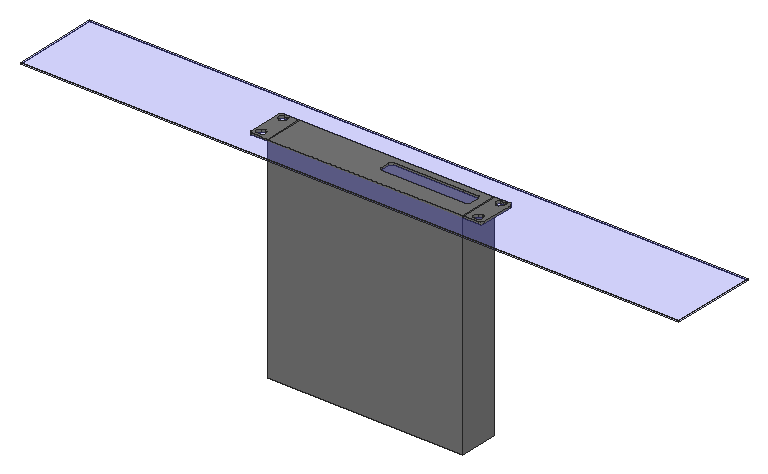
Revit family "QSC SPA4-100 Amplifier Front Facing Rackmount", category Generic Models, host Face, Revit 2014
Parameters (values of type "SPA4-100 @ 100VAC")
  Width = 8.663"  # constant formula
  Weight Product (lb) = 4  # constant formula
  Weight Product (kg) = 1.4  # constant formula
  Weight Dimensional (lb) = 6.5  # constant formula
  Weight Dimensional (kg) = 2.5  # constant formula
  Voltage AC = "100-240 at 50-60 Hz"  # constant formula
  URL = "http://www.qsc.com/systems/products/power-amplifiers/energystar-amplifiers/spa-series/spa4-100/"
  Sustainability Rating = "Energy Star"  # constant formula
  Show Right Ear Short [instance] = yes
  Show Right Ear Long [instance] = no
  Show Left Ear Short [instance] = yes
  Show Left Ear Long [instance] = no
  Regulatory Compliance = "UL, CE, RoHS/WEEE, FCC Class B, UL 2043 with Plenum Kit Accessory"  # constant formula
  Product Page URL = "http://www.qsc.com/systems/products/power-amplifiers/energystar-amplifiers/spa-series/spa4-100/"
  Product Documentation Link = "http://www.qsc.com/resource-files/productresources/amp/spa/q_amp_spa_specs.pdf"
  Power Standby = 24  # constant formula
  Power Peak = 170
  Power Active = 130
  Model = "SPA4-100"  # constant formula
  Manufacturer URL = "http://www.qscaudio.com"
  Manufacturer = "QSC Audio Products, LLC"  # constant formula
  Height = 1.730"  # constant formula
  Heat Load Standby = 33  # constant formula
  Heat Load Active = 103  # constant formula
  Face Depth = 0.0788"
  Description = "4 Channel 100 Watt/Channel Amplfier"  # constant formula
  Depth = 9.48819"  # constant formula
  Default Elevation = 0.000"
  Current Draw = 1.7
  Enclosure Material [instance] = Dark Gray Finish
  Amp Only Width = 8.663"  # constant formula
Types (4): name | Power Peak | Power Active | Current Draw
  (no name) | 170 | 130 | 1.7
  SPA4-100 @ 100VAC | 170 | 130 | 1.7
  SPA4-100 @ 120VAC | 180 | 132 | 1.5
  SPA4-100 @ 230VAC | 184 | 184 | 0.8
Reference planes (in)
  plane 1 "Center (Front/Back)": y = 0
  plane 2: z = 0
  plane 3 "Center (Left/Right)": x = 0
  plane 4 "Left": x = -4.3315
  plane 5 "Right": x = 4.3315
  plane 6 "Top": y = 0.865
  plane 7 "Bottom": y = -0.865
  plane 8 "Back": z = -9.40939
  plane 9 "Right Extend Ear": x = 13.8135
  plane 10 "Left Extend Ear": x = -13.8135
  plane 11 "Left Short Ear": x = -5.1529
  plane 12 "Right Short Ear": x = 5.1529
  plane 13 "Front": z = 0.0788
Forms (in)
  Extrusion 1, solid, material "Glass"
    sketch origin (0, 0, 0) x (1, 0, 0) y (0, 1, 0)
      loop
        line (-14.5, 1.9685) -> (-14.5, -1.88975) -> (14.73031, -1.88975) -> (14.73031, 1.9685) -> (-14.5, 1.9685)
    from 0 to -0.079
  Extrusion 2, solid, material "Dark Gray Finish" <- "Enclosure Material"
    sketch origin (0, -0.865, 0) x (-1, 0, 0) y (0, 0, 1)
      loop
        line (4.3315, 0.0788) -> (-4.3315, 0.0788) -> (-4.3315, -9.40939) -> (4.3315, -9.40939) -> (4.3315, 0.0788)
    from 0 to 1.73 <- "Height"
  Extrusion 3, void
    sketch origin (0, 0, -9.40939) x (-1, 0, 0) y (0, -1, 0)
      loop
        line (-4.13103, -0.64625) -> (-3.52079, -0.64625) -> (-3.52079, -0.33317) -> (-4.13103, -0.33317) -> (-4.13103, -0.64625)
      loop
        line (-2.87118, -0.33317) -> (-3.48142, -0.33317) -> (-3.48142, -0.64625) -> (-2.87118, -0.64625) -> (-2.87118, -0.33317)
      loop
        line (-2.73547, -0.40133) -> (-2.73547, -0.63567) -> (-2.47484, -0.63567) -> (-2.47484, -0.40133) -> (-2.73547, -0.40133)
      loop
        line (-1.98744, -0.63567) -> (-1.98744, -0.40133) -> (-2.43547, -0.40133) -> (-2.43547, -0.63567) -> (-1.98744, -0.63567)
      loop
        line (-1.8585, -0.40133) -> (-1.8585, -0.63567) -> (-1.50417, -0.63567) -> (-1.50417, -0.40133) -> (-1.8585, -0.40133)
      loop
        line (-1.11047, -0.63567) -> (-1.11047, -0.40133) -> (-1.4648, -0.40133) -> (-1.4648, -0.63567) -> (-1.11047, -0.63567)
      loop
        line (2.83544, -0.39444) -> (3.58439, -0.39444)
        arc (3.58439, -0.39444) -> (3.66726, -0.36012) -> (3.70158, -0.27725) r 0.11719
        line (3.70158, -0.27725) -> (3.70158, 0.04564)
        arc (3.70158, 0.04564) -> (3.69563, 0.07554) -> (3.6787, 0.10088) r 0.07813
        line (3.6787, 0.10088) -> (3.52761, 0.25197)
        arc (3.52761, 0.25197) -> (3.50227, 0.26891) -> (3.47237, 0.27485) r 0.07813
        line (3.47237, 0.27485) -> (2.94654, 0.27485)
        arc (2.94654, 0.27485) -> (2.91664, 0.26891) -> (2.89129, 0.25197) r 0.07813
        line (2.89129, 0.25197) -> (2.74021, 0.10088)
        arc (2.74021, 0.10088) -> (2.72327, 0.07554) -> (2.71733, 0.04564) r 0.07813
        line (2.71733, 0.04564) -> (2.71733, -0.27633)
        arc (2.71733, -0.27633) -> (2.75192, -0.35985) -> (2.83544, -0.39444) r 0.11811
      loop
        line (-2.73547, -0.10133) -> (-2.73547, -0.33567) -> (-2.47484, -0.33567) -> (-2.47484, -0.10133) -> (-2.73547, -0.10133)
      loop
        line (-1.98744, -0.33567) -> (-1.98744, -0.10133) -> (-2.43547, -0.10133) -> (-2.43547, -0.33567) -> (-1.98744, -0.33567)
      loop
        line (-1.8585, -0.10133) -> (-1.8585, -0.33567) -> (-1.50417, -0.33567) -> (-1.50417, -0.10133) -> (-1.8585, -0.10133)
      loop
        line (-1.11047, -0.33567) -> (-1.11047, -0.10133) -> (-1.4648, -0.10133) -> (-1.4648, -0.33567) -> (-1.11047, -0.33567)
      loop
        line (-4.13103, 0.35375) -> (-3.52079, 0.35375) -> (-3.52079, 0.66683) -> (-4.13103, 0.66683) -> (-4.13103, 0.35375)
      loop
        line (-2.87118, 0.66683) -> (-3.48142, 0.66683) -> (-3.48142, 0.35375) -> (-2.87118, 0.35375) -> (-2.87118, 0.66683)
    from 0 to 0.19685
  Extrusion 4, void
    sketch origin (-16.617, -180, 0.0788) x (0, -1, 0) y (-1, 0, 0)
      loop
        line (-180.55192, -16.7645) -> (-180.55192, -20.46917)
        arc (-180.55192, -20.46917) -> (-180.50615, -20.57966) -> (-180.39567, -20.62542) r 0.15625
        line (-180.39567, -20.62542) -> (-180.03888, -20.62542)
        arc (-180.03888, -20.62542) -> (-179.92839, -20.57966) -> (-179.88263, -20.46917) r 0.15625
        line (-179.88263, -20.46917) -> (-179.88263, -16.7645)
        arc (-179.88263, -16.7645) -> (-179.92839, -16.65402) -> (-180.03888, -16.60825) r 0.15625
        line (-180.03888, -16.60825) -> (-180.39567, -16.60825)
        arc (-180.39567, -16.60825) -> (-180.50615, -16.65402) -> (-180.55192, -16.7645) r 0.15625
    from 0 to 0.079
  Extrusion 5, solid, material "Dark Gray Finish" <- "Enclosure Material", visible <- "Show Left Ear Short"
    sketch origin (0, 0, 0) x (1, 0, 0) y (0, 1, 0)
      loop
        arc (-5.02784, 0.865) -> (-5.11623, 0.82839) -> (-5.1529, 0.74) r 0.125
        line (-5.1529, 0.74) -> (-5.15284, -0.74)
        arc (-5.15284, -0.74) -> (-5.11623, -0.82839) -> (-5.02784, -0.865) r 0.125
        line (-5.02784, -0.865) -> (-4.3315, -0.865) -> (-4.3315, 0.865) -> (-5.02784, 0.865)
      loop
        line (-4.7552, 0.76559) -> (-4.893, 0.76559)
        arc (-4.893, 0.76559) -> (-5.0266, 0.64002) -> (-4.90953, 0.4989) r 0.13386
        arc (-4.90953, 0.4989) -> (-4.8241, 0.41343) -> (-4.73867, 0.4989) r 0.08543
        arc (-4.73867, 0.4989) -> (-4.6216, 0.64002) -> (-4.7552, 0.76559) r 0.13386
      loop
        arc (-4.7552, -0.75213) -> (-4.6216, -0.62655) -> (-4.73867, -0.48543) r 0.13386
        arc (-4.73867, -0.48543) -> (-4.8241, -0.39996) -> (-4.90953, -0.48543) r 0.08543
        arc (-4.90953, -0.48543) -> (-5.0266, -0.62655) -> (-4.893, -0.75213) r 0.13386
        line (-4.893, -0.75213) -> (-4.7552, -0.75213)
    from 0 to 0.0788 <- "Face Depth"
  Extrusion 6, solid, material "Dark Gray Finish" <- "Enclosure Material", visible <- "Show Right Ear Short"
    sketch origin (0, 0, 0) x (-1, 0, 0) y (0, -1, 0)
      loop
        line (-5.02784, -0.865) -> (-4.3315, -0.865) -> (-4.3315, 0.865) -> (-5.02784, 0.865)
        arc (-5.02784, 0.865) -> (-5.11623, 0.82839) -> (-5.15284, 0.74) r 0.125
        line (-5.15284, 0.74) -> (-5.1529, -0.74)
        arc (-5.1529, -0.74) -> (-5.11623, -0.82839) -> (-5.02784, -0.865) r 0.125
      loop
        arc (-4.7552, -0.76559) -> (-4.6216, -0.64002) -> (-4.73867, -0.4989) r 0.13386
        arc (-4.73867, -0.4989) -> (-4.8241, -0.41343) -> (-4.90953, -0.4989) r 0.08543
        arc (-4.90953, -0.4989) -> (-5.0266, -0.64002) -> (-4.893, -0.76559) r 0.13386
        line (-4.893, -0.76559) -> (-4.7552, -0.76559)
      loop
        line (-4.7552, 0.75213) -> (-4.893, 0.75213)
        arc (-4.893, 0.75213) -> (-5.0266, 0.62655) -> (-4.90953, 0.48543) r 0.13386
        arc (-4.90953, 0.48543) -> (-4.8241, 0.39996) -> (-4.73867, 0.48543) r 0.08543
        arc (-4.73867, 0.48543) -> (-4.6216, 0.62655) -> (-4.7552, 0.75213) r 0.13386
    from 0 to 0.0788 <- "Face Depth"
  Extrusion 7, solid, material "Dark Gray Finish" <- "Enclosure Material", visible <- "Show Right Ear Long"
    sketch origin (0, 0, 0) x (-1, 0, 0) y (0, -1, 0)
      loop
        arc (-13.55582, -0.49787) -> (-13.68968, -0.63173) -> (-13.55582, -0.76559) r 0.13386
        line (-13.55582, -0.76559) -> (-13.41803, -0.76559)
        arc (-13.41803, -0.76559) -> (-13.28417, -0.63173) -> (-13.41803, -0.49787) r 0.13386
        line (-13.41803, -0.49787) -> (-13.55582, -0.49787)
      loop
        arc (-13.55582, 0.75213) -> (-13.68968, 0.61827) -> (-13.55582, 0.48441) r 0.13386
        line (-13.55582, 0.48441) -> (-13.41803, 0.48441)
        arc (-13.41803, 0.48441) -> (-13.28417, 0.61827) -> (-13.41803, 0.75213) r 0.13386
        line (-13.41803, 0.75213) -> (-13.55582, 0.75213)
      loop
        line (-13.8135, 0.74) -> (-13.8135, -0.74)
        arc (-13.8135, -0.74) -> (-13.77689, -0.82839) -> (-13.6885, -0.865) r 0.125
        line (-13.6885, -0.865) -> (-4.3315, -0.865) -> (-4.3315, 0.865) -> (-13.6885, 0.865)
        arc (-13.6885, 0.865) -> (-13.77689, 0.82839) -> (-13.8135, 0.74) r 0.125
    from 0 to 0.0788 <- "Face Depth"
  Extrusion 8, solid, material "Dark Gray Finish" <- "Enclosure Material", visible <- "Show Left Ear Long"
    sketch origin (0, 0, 0) x (1, 0, 0) y (0, 1, 0)
      loop
        line (-13.55582, 0.49787) -> (-13.41803, 0.49787)
        arc (-13.41803, 0.49787) -> (-13.28417, 0.63173) -> (-13.41803, 0.76559) r 0.13386
        line (-13.41803, 0.76559) -> (-13.55582, 0.76559)
        arc (-13.55582, 0.76559) -> (-13.68968, 0.63173) -> (-13.55582, 0.49787) r 0.13386
      loop
        line (-13.55582, -0.75213) -> (-13.41803, -0.75213)
        arc (-13.41803, -0.75213) -> (-13.28417, -0.61827) -> (-13.41803, -0.48441) r 0.13386
        line (-13.41803, -0.48441) -> (-13.55582, -0.48441)
        arc (-13.55582, -0.48441) -> (-13.68968, -0.61827) -> (-13.55582, -0.75213) r 0.13386
      loop
        arc (-13.8135, -0.74) -> (-13.77689, -0.82839) -> (-13.6885, -0.865) r 0.125
        line (-13.6885, -0.865) -> (-4.3315, -0.865) -> (-4.3315, 0.865) -> (-13.6885, 0.865)
        arc (-13.6885, 0.865) -> (-13.77689, 0.82839) -> (-13.8135, 0.74) r 0.125
        line (-13.8135, 0.74) -> (-13.8135, -0.74)
    from 0 to 0.0788 <- "Face Depth"
Cuts and joins
  Extrusion 3, Extrusion 4 cuts Extrusion 2
Lines and regions (in)
  model lines, style "GenericModel", not visible, detail levels fine
    curve 1: line (13.55599, -1.01274, 0.03125) -> (13.46873, -0.89778, 0.03125)
    curve 2: line (13.46873, -0.89778, 0.03125) -> (13.55599, -1.01274, 0.03125)
    curve 3: line (13.15237, -0.99839, 0.03125) -> (13.18534, -0.8798, 0.03125)
    curve 4: line (13.18534, -0.8798, 0.03125) -> (13.15237, -0.99839, 0.03125)
    curve 5: line (13.20744, -1.07691, 0.03125) -> (13.18283, -0.85745, 0.03125)
    curve 6: line (13.18283, -0.85745, 0.03125) -> (13.20744, -1.07691, 0.03125)
    curve 7: line (13.67283, -0.92336, 0.03125) -> (13.75064, -0.98053, 0.03125)
    curve 8: line (13.75064, -0.98053, 0.03125) -> (13.67283, -0.92336, 0.03125)
    curve 25: line (-3.35339, 0.42119, 0) -> (-3.44988, 0.54832, 0)
    curve 26: line (-3.44988, 0.54832, 0) -> (-3.35339, 0.42119, 0)
    curve 27: line (-3.7997, 0.43707, 0) -> (-3.76325, 0.5682, 0)
    curve 28: line (-3.76325, 0.5682, 0) -> (-3.7997, 0.43707, 0)
    curve 29: line (-3.73881, 0.35024, 0) -> (-3.76602, 0.59291, 0)
    curve 30: line (-3.76602, 0.59291, 0) -> (-3.73881, 0.35024, 0)
    curve 31: line (-3.22419, 0.52002, 0) -> (-3.13815, 0.45681, 0)
    curve 32: line (-3.13815, 0.45681, 0) -> (-3.22419, 0.52002, 0)
    curve 45: line (-3.35339, 0.42119, 0.0788) -> (-3.44988, 0.54832, 0.0788)
    curve 46: line (-3.44988, 0.54832, 0.0788) -> (-3.35339, 0.42119, 0.0788)
    curve 47: line (-3.7997, 0.43707, 0.0788) -> (-3.76325, 0.5682, 0.0788)
    curve 48: line (-3.76325, 0.5682, 0.0788) -> (-3.7997, 0.43707, 0.0788)
    curve 49: line (-3.73881, 0.35024, 0.0788) -> (-3.76602, 0.59291, 0.0788)
    curve 50: line (-3.76602, 0.59291, 0.0788) -> (-3.73881, 0.35024, 0.0788)
    curve 51: line (-3.22419, 0.52002, 0.0788) -> (-3.13815, 0.45681, 0.0788)
    curve 52: line (-3.13815, 0.45681, 0.0788) -> (-3.22419, 0.52002, 0.0788)
  model lines, not visible
    curve 9: arc (-4.09496, -0.0625, 1.79211) -> (-3.79966, 0.2328, 1.79211) -> (-3.50436, -0.0625, 1.79211) r 0.2953
    curve 10: arc (-3.50436, -0.0625, 1.79211) -> (-3.79966, -0.3578, 1.79211) -> (-4.09496, -0.0625, 1.79211) r 0.2953
    curve 11: arc (2.90932, 0.1875, 1.79211) -> (3.51952, 0.7977, 1.79211) -> (4.12972, 0.1875, 1.79211) r 0.6102
    curve 12: arc (4.12972, 0.1875, 1.79211) -> (3.51952, -0.4227, 1.79211) -> (2.90932, 0.1875, 1.79211) r 0.6102
    curve 13: line (2.1373, 0.9632, 1.79211) -> (2.1373, -0.8138, 1.79211)
    curve 14: line (2.1373, -0.8138, 1.79211) -> (-0.6525, -0.8138, 1.79211)
    curve 15: line (-0.6525, -0.8138, 1.79211) -> (-0.6525, 0.9632, 1.79211)
    curve 16: line (-0.6525, 0.9632, 1.79211) -> (2.1373, 0.9632, 1.79211)
    curve 37: line (-0.04, 0.55192, 0) -> (3.97575, 0.55192, 0)
    curve 38: line (-0.04, -0.11737, 0) -> (-0.04, 0.55192, 0)
    curve 39: line (3.97575, -0.11737, 0) -> (-0.04, -0.11737, 0)
    curve 40: line (3.97575, 0.55192, 0) -> (3.97575, -0.11737, 0)
  model lines, style "GenericModel", detail levels fine
    curve 17: line (-3.29089, 0.35869, 0.0788) -> (-3.38738, 0.48582, 0.0788)
    curve 18: line (-3.38738, 0.48582, 0.0788) -> (-3.29089, 0.35869, 0.0788)
    curve 19: line (-3.7372, 0.37457, 0.0788) -> (-3.70075, 0.5057, 0.0788)
    curve 20: line (-3.70075, 0.5057, 0.0788) -> (-3.7372, 0.37457, 0.0788)
    curve 21: line (-3.67631, 0.28774, 0.0788) -> (-3.70352, 0.53041, 0.0788)
    curve 22: line (-3.70352, 0.53041, 0.0788) -> (-3.67631, 0.28774, 0.0788)
    curve 23: line (-3.16169, 0.45752, 0.0788) -> (-3.07565, 0.39431, 0.0788)
    curve 24: line (-3.07565, 0.39431, 0.0788) -> (-3.16169, 0.45752, 0.0788)
  model lines
    curve 33: line (0.1475, 0.55192, 0) -> (3.85217, 0.55192, 0)
    curve 34: line (-0.00875, 0.03888, 0) -> (-0.00875, 0.39567, 0)
    curve 35: line (3.85217, -0.11737, 0) -> (0.1475, -0.11737, 0)
    curve 36: line (4.00842, 0.39567, 0) -> (4.00842, 0.03888, 0)
    curve 41: arc (-0.00875, 0.39567, 0) -> (0.03701, 0.50615, 0) -> (0.1475, 0.55192, 0) r 0.15625
    curve 42: arc (-0.00875, 0.03888, 0) -> (0.03701, -0.07161, 0) -> (0.1475, -0.11737, 0) r 0.15625
    curve 43: arc (3.85217, -0.11737, 0) -> (3.96265, -0.07161, 0) -> (4.00842, 0.03888, 0) r 0.15625
    curve 44: arc (4.00842, 0.39567, 0) -> (3.96265, 0.50615, 0) -> (3.85217, 0.55192, 0) r 0.15625
Dimensions and locks (in)
  equal spacing: plane 6 "Top", plane 1 "Center (Front/Back)", plane 7 "Bottom"
  "Height": plane 6 "Top" to plane 7 "Bottom"
  equal spacing: plane 4 "Left", plane 3 "Center (Left/Right)", plane 5 "Right"
  "Width": plane 4 "Left" to plane 5 "Right"
  plane 4 "Left" to plane 5 "Right" = 8.663"
  plane 5 "Right" to plane 9 "Right Extend Ear" = 9.482"
  plane 10 "Left Extend Ear" to plane 4 "Left" = 9.482"
  plane 11 "Left Short Ear" to plane 4 "Left" = 0.8214"
  plane 5 "Right" to plane 12 "Right Short Ear" = 0.8214"
  "Face Depth": plane 13 "Front" to plane 2
  "Depth": plane 13 "Front" to plane 8 "Back"
  aligned and locked: plane 2 to Extrusion 1
  aligned and locked: level to Extrusion 1
  aligned and locked: plane 4 "Left" to Extrusion 2 sketch curve
  aligned and locked: plane 8 "Back" to Extrusion 2 sketch curve
  aligned and locked: Extrusion 2 sketch curve to plane 5 "Right"
  aligned and locked: Extrusion 2 sketch curve to plane 13 "Front"
  aligned and locked: Extrusion 5 sketch curve to plane 6 "Top"
  aligned and locked: plane 11 "Left Short Ear" to Extrusion 5 sketch curve
  aligned and locked: cut or joined group of Extrusion 2, Extrusion 3, Extrusion 4 to Extrusion 5 sketch curve
  aligned and locked: Extrusion 5 sketch curve to cut or joined group of Extrusion 2, Extrusion 3, Extrusion 4
  aligned and locked: cut or joined group of Extrusion 2, Extrusion 3, Extrusion 4 to Extrusion 7 sketch curve
  aligned and locked: plane 9 "Right Extend Ear" to Extrusion 7 sketch curve
  aligned and locked: Extrusion 7 sketch curve to plane 7 "Bottom"
  aligned and locked: Extrusion 7 sketch curve to plane 6 "Top"
Automatic sketch dimensions
  curve 34 to curve 34 = 0.35679"
  curve 35 to curve 35 = 3.70467"
  curve 36 to curve 36 = 0.35679"  (x2)
  curve 34 to curve 35 = 3.86408"
  curve 35 to curve 33 = 0.66929"
  curve 23 to curve 24 = 0.000"  (x4)
  curve 24 to curve 23 = 0.10677"
  curve 18 to curve 23 = 0.16267"
  curve 17 to curve 18 = 0.000"  (x5)
  curve 17 to curve 18 = 0.15959"
  curve 18 to curve 17 = 0.000"  (x3)
  curve 21 to curve 17 = 0.35031"
  curve 22 to curve 21 = 0.000"  (x4)
  curve 20 to curve 21 = 0.21933"
  curve 19 to curve 20 = 0.000"  (x4)
  curve 22 to curve 19 = 0.02487"
  curve 21 to curve 22 = 0.000"  (x4)
  curve 19 to curve 21 = 0.10605"
  curve 20 to curve 19 = 0.000"  (x2)
  curve 22 to curve 18 = 0.3919"
  curve 21 to curve 20 = 0.10605"
  curve 17 to curve 23 = 0.21817"
  curve 24 to curve 23 = 0.000"  (x4)
  curve 23 to curve 24 = 0.10677"
  curve 18 to curve 17 = 0.15959"
  curve 20 to curve 20 = 0.13611"
  curve 24 to curve 33 = 3.227"
  curve 22 to curve 33 = 3.83293"
  curve 38 to curve 39 = 4.01575"
  curve 39 to curve 37 = 0.66929"
  curve 31 to curve 32 = 0.000"  (x3)
  curve 32 to curve 31 = 0.08604"
  curve 26 to curve 31 = 0.1292"
  curve 25 to curve 26 = 0.000"  (x2)
  curve 25 to curve 26 = 0.09649"
  curve 26 to curve 25 = 0.000"  (x2)
  curve 29 to curve 25 = 0.28894"
  curve 30 to curve 29 = 0.000"  (x2)
  curve 28 to curve 29 = 0.02444"
  curve 27 to curve 28 = 0.000"  (x2)
  curve 30 to curve 27 = 0.00277"
  curve 29 to curve 30 = 0.000"  (x2)
  curve 27 to curve 29 = 0.06089"
  curve 28 to curve 27 = 0.000"
  curve 30 to curve 26 = 0.07095"
  curve 29 to curve 28 = 0.08683"
  curve 25 to curve 31 = 0.03562"
  curve 32 to curve 31 = 0.000"
  curve 31 to curve 32 = 0.06321"
  curve 26 to curve 25 = 0.12712"
  curve 28 to curve 28 = 0.13113"
  curve 32 to curve 37 = 3.09814"
  curve 30 to curve 37 = 0.20168"
  curve 23 to curve 23 = 0.08604"
  curve 23 to curve 18 = 0.1292"
  curve 17 to curve 17 = 0.09649"
  curve 17 to curve 22 = 0.28894"
  curve 21 to curve 20 = 0.02444"
  curve 19 to curve 21 = 0.00277"
  curve 21 to curve 20 = 0.06089"
  curve 21 to curve 20 = 0.02471"
  curve 19 to curve 18 = 0.01989"
  curve 17 to curve 23 = 0.02829"
  curve 24 to curve 23 = 0.06321"
  curve 17 to curve 18 = 0.12712"
  curve 19 to curve 21 = 0.08683"
  curve 51 to curve 52 = 0.000"
  curve 51 to curve 51 = 0.08604"
  curve 52 to curve 51 = 0.000"  (x3)
  curve 51 to curve 46 = 0.1292"
  curve 45 to curve 46 = 0.000"  (x3)
  curve 45 to curve 45 = 0.09649"
  curve 46 to curve 45 = 0.000"
  curve 45 to curve 50 = 0.28894"
  curve 49 to curve 50 = 0.000"  (x2)
  curve 49 to curve 48 = 0.02444"
  curve 47 to curve 48 = 0.000"  (x2)
  curve 47 to curve 49 = 0.00277"
  curve 50 to curve 49 = 0.000"  (x2)
  curve 49 to curve 48 = 0.06089"
  curve 49 to curve 48 = 0.02471"
  curve 47 to curve 46 = 0.01989"
  curve 45 to curve 51 = 0.02829"
  curve 52 to curve 51 = 0.06321"
  curve 48 to curve 47 = 0.000"
  curve 45 to curve 46 = 0.12712"
  curve 47 to curve 49 = 0.08683"
  curve 34 to plane 3 "Center (Left/Right)" = 0.00875"
  plane 3 "Center (Left/Right)" to curve 35 = 0.1475"
  plane 3 "Center (Left/Right)" to curve 41 = 0.1475"
  curve 44 to plane 5 "Right" = 0.47933"
  plane 1 "Center (Front/Back)" to curve 35 = 0.11737"
  curve 35 to plane 5 "Right" = 0.47933"
  curve 44 to curve 36 = 0.15625"
  Extrusion 1 sketch curve to Extrusion 1 sketch curve = 29.23031"
  Extrusion 1 sketch curve to Extrusion 1 sketch curve = 3.85825"
  Extrusion 3 sketch curve to plane 5 "Right" = 0.20047"  (x2)
  Extrusion 3 sketch curve to plane 6 "Top" = 0.21875"  (x2)
  Extrusion 3 sketch curve to Extrusion 3 sketch curve = 0.61024"  (x4)
  plane 7 "Bottom" to Extrusion 3 sketch curve = 0.19817"  (x2)
  Extrusion 3 sketch curve to Extrusion 3 sketch curve = 0.03937"  (x6)
  Extrusion 3 sketch curve to Extrusion 3 sketch curve = 0.13571"  (x2)
  Extrusion 3 sketch curve to plane 1 "Center (Front/Back)" = 0.10133"  (x3)
  Extrusion 3 sketch curve to Extrusion 3 sketch curve = 0.26063"
  Extrusion 3 sketch curve to Extrusion 3 sketch curve = 0.000"  (x9)
  Extrusion 3 sketch curve to Extrusion 3 sketch curve = 0.44803"
  Extrusion 3 sketch curve to Extrusion 3 sketch curve = 0.12894"
  Extrusion 3 sketch curve to Extrusion 3 sketch curve = 0.35433"  (x2)
  Extrusion 3 sketch curve to plane 1 "Center (Front/Back)" = 0.27633"
  plane 4 "Left" to Extrusion 3 sketch curve = 1.61417"
  plane 1 "Center (Front/Back)" to Extrusion 3 sketch curve = 0.10088"  (x2)
  Extrusion 3 sketch curve to Extrusion 3 sketch curve = 0.02288"
  plane 1 "Center (Front/Back)" to Extrusion 3 sketch curve = 0.04564"  (x2)
  Extrusion 3 sketch curve to Extrusion 3 sketch curve = 0.11811"
  plane 1 "Center (Front/Back)" to Extrusion 3 sketch curve = 0.25197"  (x2)
  Extrusion 3 sketch curve to Extrusion 3 sketch curve = 0.15109"  (x2)
  Extrusion 3 sketch curve to Extrusion 3 sketch curve = 0.05524"  (x4)
  Extrusion 3 sketch curve to Extrusion 3 sketch curve = 0.52583"
  Extrusion 3 sketch curve to Extrusion 3 sketch curve = 0.11202"
  Extrusion 3 sketch curve to plane 6 "Top" = 0.22933"  (x2)
  Extrusion 3 sketch curve to Extrusion 3 sketch curve = 0.23434"  (x3)
  Extrusion 3 sketch curve to Extrusion 3 sketch curve = 0.06566"  (x4)
  Extrusion 3 sketch curve to Extrusion 3 sketch curve = 0.31308"  (x3)
  Extrusion 3 sketch curve to Extrusion 3 sketch curve = 0.0025"
  Extrusion 4 sketch curve to plane 6 "Top" = 0.31308"
  Extrusion 4 sketch curve to Extrusion 4 sketch curve = 0.15625"  (x2)
  Extrusion 4 sketch curve to plane 1 "Center (Front/Back)" = 0.03888"  (x2)
  plane 1 "Center (Front/Back)" to Extrusion 4 sketch curve = 0.11737"
  Extrusion 4 sketch curve to plane 3 "Center (Left/Right)" = 0.00875"
  Extrusion 4 sketch curve to plane 5 "Right" = 0.47933"
  plane 11 "Left Short Ear" to Extrusion 5 sketch curve = 0.12506"  (x2)
  Extrusion 5 sketch curve to Extrusion 5 sketch curve = 0.13484"  (x2)
  Extrusion 5 sketch curve to Extrusion 5 sketch curve = 0.0689"  (x2)
  Extrusion 5 sketch curve to Extrusion 5 sketch curve = 0.1378"  (x2)
  plane 7 "Bottom" to Extrusion 5 sketch curve = 0.11287"
  plane 7 "Bottom" to Extrusion 5 sketch curve = 0.125"
  Extrusion 5 sketch curve to Extrusion 5 sketch curve = 0.13386"  (x2)
  Extrusion 5 sketch curve to Extrusion 5 sketch curve = 0.13287"  (x2)
  Extrusion 5 sketch curve to plane 6 "Top" = 0.36614"
  Extrusion 5 sketch curve to Extrusion 5 sketch curve = 0.000"  (x3)
  Extrusion 5 sketch curve to Extrusion 5 sketch curve = 0.125"
  Extrusion 5 sketch curve to plane 6 "Top" = 0.09941"
  Extrusion 5 sketch curve to Extrusion 5 sketch curve = 0.08543"  (x2)
  Extrusion 6 sketch curve to plane 12 "Right Short Ear" = 0.000"
  Extrusion 6 sketch curve to plane 7 "Bottom" = 0.000"
  Extrusion 6 sketch curve to plane 6 "Top" = 0.000"
  Extrusion 6 sketch curve to plane 5 "Right" = 0.000"
  plane 12 "Right Short Ear" to Extrusion 6 sketch curve = 0.12506"  (x2)
  Extrusion 6 sketch curve to Extrusion 6 sketch curve = 0.13484"  (x2)
  Extrusion 6 sketch curve to Extrusion 6 sketch curve = 0.0689"  (x2)
  Extrusion 6 sketch curve to Extrusion 6 sketch curve = 0.1378"  (x2)
  Extrusion 6 sketch curve to plane 7 "Bottom" = 0.11287"
  Extrusion 6 sketch curve to Extrusion 6 sketch curve = 0.125"
  Extrusion 6 sketch curve to Extrusion 6 sketch curve = 0.13386"  (x2)
  Extrusion 6 sketch curve to Extrusion 6 sketch curve = 0.13287"  (x2)
  plane 6 "Top" to Extrusion 6 sketch curve = 0.36614"
  Extrusion 6 sketch curve to Extrusion 6 sketch curve = 0.000"  (x3)
  plane 6 "Top" to Extrusion 6 sketch curve = 0.125"
  plane 6 "Top" to Extrusion 6 sketch curve = 0.09941"
  Extrusion 6 sketch curve to Extrusion 6 sketch curve = 0.08543"  (x2)
  plane 9 "Right Extend Ear" to Extrusion 7 sketch curve = 0.125"
  Extrusion 7 sketch curve to Extrusion 7 sketch curve = 0.125"
  Extrusion 7 sketch curve to Extrusion 7 sketch curve = 0.13268"  (x2)
  Extrusion 7 sketch curve to Extrusion 7 sketch curve = 0.1378"  (x2)
  Extrusion 7 sketch curve to plane 7 "Bottom" = 0.11287"
  Extrusion 7 sketch curve to Extrusion 7 sketch curve = 0.13386"  (x2)
  Extrusion 7 sketch curve to Extrusion 7 sketch curve = 0.24213"
  Extrusion 8 sketch curve to plane 10 "Left Extend Ear" = 0.000"
  Extrusion 8 sketch curve to plane 6 "Top" = 0.000"
  Extrusion 8 sketch curve to plane 7 "Bottom" = 0.000"
  Extrusion 8 sketch curve to plane 4 "Left" = 0.000"
  plane 10 "Left Extend Ear" to Extrusion 8 sketch curve = 0.125"
  Extrusion 8 sketch curve to Extrusion 8 sketch curve = 0.125"
  Extrusion 8 sketch curve to Extrusion 8 sketch curve = 0.13268"  (x2)
  Extrusion 8 sketch curve to Extrusion 8 sketch curve = 0.1378"  (x2)
  plane 7 "Bottom" to Extrusion 8 sketch curve = 0.11287"
  Extrusion 8 sketch curve to Extrusion 8 sketch curve = 0.13386"  (x2)
  Extrusion 8 sketch curve to Extrusion 8 sketch curve = 0.24213"
Connectors (in)
  electrical at (-3.20953, -0.00035, -9.21254)
    settings: on cut or joined group of Extrusion 2, Extrusion 3, Extrusion 4, index 1, voltage 0 V, apparent load 0 VA, apparent load phase1 0 VA, apparent load phase2 0 VA, apparent load phase3 0 VA, power factor 1, load classification "Other", number of poles 1, system type 31, power factor state 1, is connector primary yes, connector utility no, sub classification motor no, connector description ""
  electrical at (1.28764, 0.5185, -9.21254)
    settings: on cut or joined group of Extrusion 2, Extrusion 3, Extrusion 4, index 2, voltage 0 V, apparent load 0 VA, apparent load phase1 0 VA, apparent load phase2 0 VA, apparent load phase3 0 VA, power factor 1, load classification "Other", number of poles 1, system type 14, power factor state 1, is connector primary no, connector utility no, sub classification motor no, connector description "Input 2"
  electrical at (1.68134, 0.5185, -9.21254)
    settings: on cut or joined group of Extrusion 2, Extrusion 3, Extrusion 4, index 3, voltage 0 V, apparent load 0 VA, apparent load phase1 0 VA, apparent load phase2 0 VA, apparent load phase3 0 VA, power factor 1, load classification "Other", number of poles 1, system type 14, power factor state 1, is connector primary no, connector utility no, sub classification motor no, connector description "Input 1"
  electrical at (2.21146, 0.5185, -9.21254)
    settings: on cut or joined group of Extrusion 2, Extrusion 3, Extrusion 4, index 4, voltage 0 V, apparent load 0 VA, apparent load phase1 0 VA, apparent load phase2 0 VA, apparent load phase3 0 VA, power factor 1, load classification "Other", number of poles 1, system type 14, power factor state 1, is connector primary no, connector utility no, sub classification motor no, connector description "Volume Control"
  electrical at (2.60516, 0.5185, -9.21254)
    settings: on cut or joined group of Extrusion 2, Extrusion 3, Extrusion 4, index 5, voltage 0 V, apparent load 0 VA, apparent load phase1 0 VA, apparent load phase2 0 VA, apparent load phase3 0 VA, power factor 1, load classification "Other", number of poles 1, system type 14, power factor state 1, is connector primary no, connector utility no, sub classification motor no, connector description "Ch 1&2 Standby Control"
  electrical at (3.1763, 0.48971, -9.21254)
    settings: on cut or joined group of Extrusion 2, Extrusion 3, Extrusion 4, index 6, voltage 0 V, apparent load 0 VA, apparent load phase1 0 VA, apparent load phase2 0 VA, apparent load phase3 0 VA, power factor 1, load classification "Other", number of poles 1, system type 14, power factor state 1, is connector primary no, connector utility no, sub classification motor no, connector description "Output 2"
  electrical at (3.82591, 0.48971, -9.21254)
    settings: on cut or joined group of Extrusion 2, Extrusion 3, Extrusion 4, index 7, voltage 0 V, apparent load 0 VA, apparent load phase1 0 VA, apparent load phase2 0 VA, apparent load phase3 0 VA, power factor 1, load classification "Other", number of poles 1, system type 14, power factor state 1, is connector primary no, connector utility no, sub classification motor no, connector description "Output 1"
  electrical at (3.82591, -0.51029, -9.21254)
    settings: on cut or joined group of Extrusion 2, Extrusion 3, Extrusion 4, index 8, voltage 0 V, apparent load 0 VA, apparent load phase1 0 VA, apparent load phase2 0 VA, apparent load phase3 0 VA, power factor 1, load classification "Other", number of poles 1, system type 14, power factor state 1, is connector primary no, connector utility no, sub classification motor no, connector description "Output 3"
  electrical at (3.1763, -0.51029, -9.21254)
    settings: on cut or joined group of Extrusion 2, Extrusion 3, Extrusion 4, index 9, voltage 0 V, apparent load 0 VA, apparent load phase1 0 VA, apparent load phase2 0 VA, apparent load phase3 0 VA, power factor 1, load classification "Other", number of poles 1, system type 14, power factor state 1, is connector primary no, connector utility no, sub classification motor no, connector description "Output 4"
  electrical at (2.60516, 0.2185, -9.21254)
    settings: on cut or joined group of Extrusion 2, Extrusion 3, Extrusion 4, index 10, voltage 0 V, apparent load 0 VA, apparent load phase1 0 VA, apparent load phase2 0 VA, apparent load phase3 0 VA, power factor 1, load classification "Other", number of poles 1, system type 14, power factor state 1, is connector primary no, connector utility no, sub classification motor no, connector description "Ch 3&4 Standby Control"
  electrical at (2.21146, 0.2185, -9.21254)
    settings: on cut or joined group of Extrusion 2, Extrusion 3, Extrusion 4, index 11, voltage 0 V, apparent load 0 VA, apparent load phase1 0 VA, apparent load phase2 0 VA, apparent load phase3 0 VA, power factor 1, load classification "Other", number of poles 1, system type 14, power factor state 1, is connector primary no, connector utility no, sub classification motor no, connector description "Ch 3&4 Volume Control"
  electrical at (1.68134, 0.2185, -9.21254)
    settings: on cut or joined group of Extrusion 2, Extrusion 3, Extrusion 4, index 12, voltage 0 V, apparent load 0 VA, apparent load phase1 0 VA, apparent load phase2 0 VA, apparent load phase3 0 VA, power factor 1, load classification "Other", number of poles 1, system type 14, power factor state 1, is connector primary no, connector utility no, sub classification motor no, connector description "Input 3"
  electrical at (1.28764, 0.2185, -9.21254)
    settings: on cut or joined group of Extrusion 2, Extrusion 3, Extrusion 4, index 13, voltage 0 V, apparent load 0 VA, apparent load phase1 0 VA, apparent load phase2 0 VA, apparent load phase3 0 VA, power factor 1, load classification "Other", number of poles 1, system type 14, power factor state 1, is connector primary no, connector utility no, sub classification motor no, connector description "Input 4"
